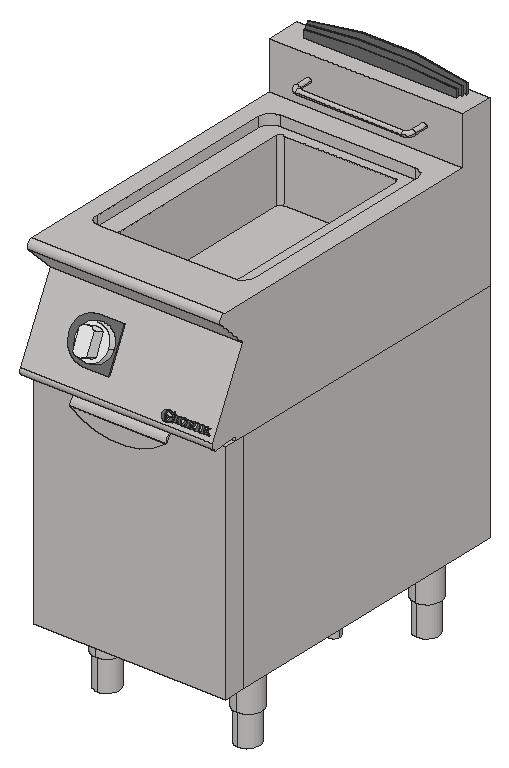
Revit family "QF_GIORIK_FE7113", category Specialty Equipment, Revit 2014
Parameters (values of type "FE7113")
  Weight in Pounds = 132.2772
  Watts = 12000 W
  Volts = 400 V
  URL Cutsheet = "www.giorik.com"
  URL = "www.giorik.com"
  Status [instance] = ""
  Specification by User [instance] = ""
  Specification by Manufacturer = ""
  Show Logo [instance] = yes
  Show Clearance [instance] = yes
  Serial Number = ""
  Seismic Rating = ""
  SMACNA No = ""
  Revision Code [instance] = ""
  Phase = 3
  Number of Poles [instance] = 3
  NAFEM Spec ID Number = ""
  Model = "FE7113"
  Min Ckt Ampacity = 0 A
  Max Overcurrent Protection = 0 A
  Masterspec = ""
  Manufacturer = "GIORIK"
  Item Number [instance] = ""
  Installed By [instance] = ""
  Identify Quantity as Lot [instance] = no
  HP = "16.092240000000"
  Furnished By [instance] = ""
  Foodservice Equipment Identifier [instance] = yes
  FL Amps = 0 A
  Electrical Remarks [instance] = ""
  Electric Connection Type [instance] = ""
  Elec Conn RI Height [instance] = 0 mm
  Elec Conn Connection Height [instance] = 150 mm
  Description = "13 LITRE ELECTRIC FRYER."
  Cycle = 50 Hz
  Conn Plug = ""
  CSI MasterFormat = ""
  Assembly Code = "E1090320"
  Apparent Power = 12000 VA
Reference planes
  plane 1 "Back": y = 0
  plane 2: z = 0
  plane 3 "Left": x = 0
  plane 4 "Right": x = 400
  plane 5 "Front": y = -720
  plane 6 "Top": z = 900
Forms (mm)
  Extrusion 1, solid, visible <- "Show Logo"
    sketch origin (196.604, -736.761, 609.486) x (-1, 0, 0) y (0, 0.452718, 0.891654)
      loop
        line (-118.824, 58.358) -> (-127.804, 58.358) -> (-125.523, 56.445) -> (-125.523, 48.027) -> (-127.804, 46.113) -> (-118.824, 46.113) -> (-121.105, 48.027) -> (-121.105, 56.445) -> (-118.824, 58.358)
      loop
        line (-163.721, 58.358) -> (-172.7, 58.358) -> (-170.42, 56.445) -> (-170.42, 48.027) -> (-172.7, 46.113) -> (-163.721, 46.113) -> (-166.001, 48.027) -> (-166.001, 56.445) -> (-163.721, 58.358)
      loop
        line (-174.332, 58.358) -> (-183.312, 58.358) -> (-181.031, 56.445) -> (-181.031, 52.435) -> (-186.419, 56.955) -> (-184.416, 58.358) -> (-191.268, 58.358) -> (-188.01, 56.839) -> (-185.455, 54.283) -> (-190.846, 47.858) -> (-193.396, 46.93) -> (-193.396, 46.113) -> (-184.416, 46.113) -> (-185.437, 47.571) -> (-182.443, 51.552) -> (-181.031, 50.894) -> (-181.031, 48.027) -> (-183.312, 46.113) -> (-174.332, 46.113) -> (-176.613, 48.027) -> (-176.613, 56.445) -> (-174.332, 58.358)
      loop
        line (-115.429, 62.063) -> (-115.429, 54.198)
        arc (-115.429, 54.198) -> (-111.618, 57.803) -> (-106.847, 59.986) r 16.039
        arc (-106.847, 59.986) -> (-103.314, 59.837) -> (-100.512, 57.68) r 5.851
        arc (-100.512, 57.68) -> (-98.815, 52.267) -> (-100.512, 46.853) r 9.479
        arc (-100.512, 46.853) -> (-102.406, 44.986) -> (-104.846, 43.93) r 7.236
        arc (-104.846, 43.93) -> (-107.728, 44.111) -> (-110.052, 45.825) r 5.11
        line (-110.052, 45.825) -> (-110.052, 52.001) -> (-116.141, 52.001) -> (-116.141, 45.503) -> (-117.893, 43.751) -> (-114.094, 44.769)
        arc (-114.094, 44.769) -> (-112.56, 44.947) -> (-111.129, 44.366) r 3.115
        arc (-111.129, 44.366) -> (-104.216, 42.091) -> (-97.303, 44.366) r 11.641
        arc (-97.303, 44.366) -> (-93.396, 52.107) -> (-97.303, 59.849) r 9.622
        arc (-97.303, 59.849) -> (-104.369, 62.174) -> (-111.435, 59.849) r 11.898
        line (-111.435, 59.849) -> (-115.429, 62.063)
      loop
        arc (-129.234, 56.068) -> (-135.893, 58.628) -> (-142.552, 56.068) r 9.941
        arc (-142.552, 56.068) -> (-144.234, 52.286) -> (-142.552, 48.505) r 5.093
        arc (-142.552, 48.505) -> (-135.893, 45.945) -> (-129.234, 48.505) r 9.941
        arc (-129.234, 48.505) -> (-127.552, 52.286) -> (-129.234, 56.068) r 5.093
      loop
        arc (-132.628, 54.403) -> (-135.893, 57.668) -> (-139.158, 54.403) r 3.265
        line (-139.158, 54.403) -> (-139.158, 50.169)
        arc (-139.158, 50.169) -> (-135.893, 46.904) -> (-132.628, 50.169) r 3.265
        line (-132.628, 50.169) -> (-132.628, 54.403)
      loop
        arc (-156.363, 58.365) -> (-159.647, 55.081) -> (-156.363, 51.796) r 3.285
        line (-156.363, 51.796) -> (-159.529, 47.306) -> (-162.087, 46.113) -> (-155.847, 46.113) -> (-153.529, 51.083) -> (-150.637, 51.083) -> (-150.637, 47.784) -> (-153.022, 46.113) -> (-144.011, 46.113) -> (-146.094, 47.68) -> (-146.094, 56.493) -> (-144.229, 58.365) -> (-156.363, 58.365)
      loop
        line (-150.637, 57.512) -> (-153.637, 57.512)
        arc (-153.637, 57.512) -> (-156.237, 54.912) -> (-153.637, 52.312) r 2.6
        line (-153.637, 52.312) -> (-150.637, 52.312) -> (-150.637, 57.512)
      loop
        line (-108.924, 52.001) -> (-104.936, 49.005) -> (-100.948, 52.001) -> (-108.924, 52.001)
    from 1.5 to -0.5
  Extrusion 2, solid
    sketch origin (-16, 1025.81, 0) x (1, 0, 0) y (0, 1, 0)
      loop
        line (25, -1086.81) -> (25, -1156.81) -> (115, -1156.81) -> (115, -1086.81) -> (25, -1086.81)
    from 148 to 150
  Extrusion 3, solid
    sketch origin (0, 1000, -20) x (0, 1, 0) y (0, 0, 1)
      loop
        line (-1000, 989.988) -> (-1070, 989.988) -> (-1070, 889.988) -> (-1688.806, 889.988)
        arc (-1688.806, 889.988) -> (-1699.151, 883.075) -> (-1696.724, 870.873) r 11.197
        line (-1696.724, 870.873) -> (-1640.876, 815.025) -> (-1718.948, 661.258)
        arc (-1718.948, 661.258) -> (-1718.233, 650.105) -> (-1708.118, 645.354) r 10.981
        line (-1708.118, 645.354) -> (-1660, 649.925) -> (-1660, 640) -> (-1000, 640) -> (-1000, 989.988)
    from 0 to 400
  Extrusion 4, solid
    sketch origin (0, 0, 599.536) x (1, 0, 0) y (0, 1, 0)
      loop
        line (0, -640) -> (40, -640) -> (40, -40) -> (360, -40) -> (360, -640) -> (400, -640) -> (400, 0) -> (0, 0) -> (0, -640)
    from -449.536 to 20.464
  Extrusion 5, solid
    sketch origin (0, 0, 0) x (1, 0, 0) y (0, 1, 0)
      loop
        line (40, -40) -> (40, -640) -> (360, -640) -> (360, -40) -> (40, -40)
    from 150 to 190
  Extrusion 6, solid
    sketch origin (-16, 560.81, 0) x (1, 0, 0) y (0, 1, 0)
      loop
        line (25, -1086.81) -> (25, -1156.81) -> (115, -1156.81) -> (115, -1086.81) -> (25, -1086.81)
    from 148 to 150
  Revolve 7, solid
    sketch origin (54, 560.81, 0) x (0, 1, 0) y (0, 0, 1)
      loop
        line (-1092.56, 66) -> (-1092.56, 148) -> (-1121.81, 148) -> (-1121.81, 0) -> (-1096.81, 0) -> (-1096.81, 66) -> (-1092.56, 66)
      axis (-1121.81, 0) -> (-1121.81, 148)
    angle from 0 to 360
  Revolve 8, solid
    sketch origin (54, 1025.81, 0) x (0, 1, 0) y (0, 0, 1)
      loop
        line (-1092.56, 66) -> (-1092.56, 148) -> (-1121.81, 148) -> (-1121.81, 0) -> (-1096.81, 0) -> (-1096.81, 66) -> (-1092.56, 66)
      axis (-1121.81, 0) -> (-1121.81, 148)
    angle from 0 to 360
  Extrusion 9, solid
    sketch origin (416, 560.81, 0) x (-1, 0, 0) y (0, -1, 0)
      loop
        line (25, 1086.81) -> (115, 1086.81) -> (115, 1156.81) -> (25, 1156.81) -> (25, 1086.81)
    from 148 to 150
  Revolve 10, solid
    sketch origin (346, 560.81, 0) x (0, 1, 0) y (0, 0, -1)
      loop
        line (-1092.56, -66) -> (-1096.81, -66) -> (-1096.81, 0) -> (-1121.81, 0) -> (-1121.81, -148) -> (-1092.56, -148) -> (-1092.56, -66)
      axis (-1121.81, 0) -> (-1121.81, -148)
    angle from 0 to 360
  Extrusion 11, solid
    sketch origin (416, -1217.81, 0) x (-1, 0, 0) y (0, -1, 0)
      loop
        line (25, -1086.81) -> (25, -1156.81) -> (115, -1156.81) -> (115, -1086.81) -> (25, -1086.81)
    from 148 to 150
  Revolve 12, solid
    sketch origin (346, -1217.81, 0) x (0, -1, 0) y (0, 0, 1)
      loop
        line (-1092.56, 66) -> (-1092.56, 148) -> (-1121.81, 148) -> (-1121.81, 0) -> (-1096.81, 0) -> (-1096.81, 66) -> (-1092.56, 66)
      axis (-1121.81, 0) -> (-1121.81, 148)
    angle from 0 to 360
  Extrusion 13, solid
    sketch origin (-293.221, -963.345, 52.363) x (1, 0, 0) y (0, 0.452718, 0.891654)
      loop
        line (463.221, 676.25) -> (463.221, 766.25) -> (409.698, 766.25)
        arc (409.698, 766.25) -> (364.698, 721.25) -> (409.698, 676.25) r 45
        line (409.698, 676.25) -> (463.221, 676.25)
    from 48 to 50
  Extrusion 14, solid
    sketch origin (481.331, -1008.697, 74.959) x (-1, 0, 0) y (0, -0.45351, -0.891251)
      loop
        circle (351.331, -721.346) r 35
    from 0 to 15
  Extrusion 15, solid
    sketch origin (481.331, -1008.697, 74.959) x (-1, 0, 0) y (0, -0.45351, -0.891251)
      loop
        arc (336.331, -743.846) -> (351.331, -748.846) -> (366.331, -743.846) r 25
        line (366.331, -743.846) -> (366.331, -698.846)
        arc (366.331, -698.846) -> (351.331, -693.846) -> (336.331, -698.846) r 25
        line (336.331, -698.846) -> (336.331, -743.846)
    from 15 to 40
  Extrusion 16, solid
    sketch origin (-94, 0, 59.999) x (1, 0, 0) y (0, 0, 1)
      loop
        line (135, 909.989) -> (453, 909.989) -> (453, 925.527) -> (347.056, 931.749) -> (240.944, 931.749) -> (135, 925.527) -> (135, 909.989)
    from 32 to 35
  Extrusion 17, solid
    sketch origin (-92, 10, 59.999) x (1, 0, 0) y (0, 0, 1)
      loop
        line (454, 909.989) -> (454, 928.527) -> (346.162, 939.193) -> (237.838, 939.193) -> (130, 928.527) -> (130, 909.989) -> (454, 909.989)
    from 32 to 35
  Extrusion 18, solid
    sketch origin (-90, 20, 59.999) x (1, 0, 0) y (0, 0, 1)
      loop
        line (455, 909.989) -> (455, 930.527) -> (345.396, 947.413) -> (234.604, 947.413) -> (125, 930.527) -> (125, 909.989) -> (455, 909.989)
    from 32 to 35
  Extrusion 19, void
    sketch origin (0, 0, 819.988) x (0, 1, 0) y (-1, 0, 0)
      loop
        arc (-120, -60) -> (-127.322, -42.322) -> (-145, -35) r 25
        line (-145, -35) -> (-565.002, -35)
        arc (-565.002, -35) -> (-582.68, -42.322) -> (-590.002, -60) r 25
        line (-590.002, -60) -> (-590.002, -340)
        arc (-590.002, -340) -> (-582.68, -357.678) -> (-565.002, -365) r 25
        line (-565.002, -365) -> (-145, -365)
        arc (-145, -365) -> (-127.322, -357.678) -> (-120, -340) r 25
        line (-120, -340) -> (-120, -60)
    from -100 to 50
  Extrusion 20, solid
    sketch origin (0, 0, 900) x (0, 1, 0) y (-1, 0, 0)
      loop
        arc (-120, -60) -> (-127.322, -42.322) -> (-145, -35) r 25
        line (-145, -35) -> (-565.002, -35)
        arc (-565.002, -35) -> (-582.68, -42.322) -> (-590.002, -60) r 25
        line (-590.002, -60) -> (-590.002, -340)
        arc (-590.002, -340) -> (-582.68, -357.678) -> (-565.002, -365) r 25
        line (-565.002, -365) -> (-145, -365)
        arc (-145, -365) -> (-127.322, -357.678) -> (-120, -340) r 25
        line (-120, -340) -> (-120, -60)
      loop
        arc (-140, -85.011) -> (-142.929, -77.94) -> (-150, -75.011) r 10
        line (-150, -75.011) -> (-555.002, -75.011)
        arc (-555.002, -75.011) -> (-562.073, -77.94) -> (-565.002, -85.011) r 10
        line (-565.002, -85.011) -> (-565.002, -315)
        arc (-565.002, -315) -> (-562.073, -322.071) -> (-555.002, -325) r 10
        line (-555.002, -325) -> (-150, -325)
        arc (-150, -325) -> (-142.929, -322.071) -> (-140, -315) r 10
        line (-140, -315) -> (-140, -85.011)
    from -180.012 to -50
  Extrusion 21, solid
    sketch origin (0, -725, 0) x (1, 0, 0) y (0, 0, 1)
      loop
        line (0, 620) -> (0, 150) -> (400, 150) -> (400, 620) -> (0, 620)
    from -85 to -40
  Extrusion 22, solid
    sketch origin (2.5, -725, -20.1) x (0, 1, 0) y (0, 0, 1)
      loop
        arc (25, 640.1) -> (14.393, 635.707) -> (10, 625.1) r 15
        line (10, 625.1) -> (12, 625.1)
        arc (12, 625.1) -> (15.808, 634.292) -> (25, 638.1) r 13
        line (25, 638.1) -> (40, 638.1) -> (40, 640.1) -> (25, 640.1)
    from 97.5 to 297.5
  Extrusion 23, solid
    sketch origin (2.5, -724.905, -20.1) x (1, 0, 0) y (0, 0, 1)
      loop
        arc (97.5, 625.1) -> (197.5, 590.089) -> (297.5, 625.1) r 160.316
        line (297.5, 625.1) -> (97.5, 625.1)
    from -11.905 to -9.905
  Extrusion 24, solid, visible <- "Show Clearance", detail levels coarse
    sketch origin (395, -725, 0) x (-1, 0, 0) y (0, -1, 0)
      loop
        line (-5, -40) -> (395, -40)
        arc (395, -40) -> (277.534, 241.069) -> (-5, 354.968) r 395
        line (-5, 354.968) -> (-5, -40)
    from 150 to 620
  Extrusion 25, solid
    sketch origin (0, 0, 100) x (0, 1, 0) y (-1, 0, 0)
      loop
        circle (-380, -380) r 12.5
    from 30 to 50
  Sweep 26, solid
    path origin (0, 0, 919.988) x (0, 1, 0) y (-1, 0, 0)
      loop
        line (-70, -80) -> (-100, -80)
        arc (-100, -80) -> (-107.071, -82.929) -> (-110, -90) r 10
        line (-110, -90) -> (-110, -310)
        arc (-110, -310) -> (-107.071, -317.071) -> (-100, -320) r 10
        line (-100, -320) -> (-70, -320)
    profile origin (80, -85, 919.988) x (1, 0, 0) y (0, 0, 1)
      loop
        circle (0, 0) r 5
Cuts and joins
  Extrusion 19 cuts Extrusion 3
Lines and regions (mm)
  symbolic lines, style "200-EquipBorder-2D"
    curve 1: line (0, -720, 0) -> (400, -720, 0)
    curve 2: line (400, -720, 0) -> (400, 0, 0)
    curve 3: line (400, 0, 0) -> (0, 0, 0)
    curve 4: line (0, 0, 0) -> (0, -720, 0)
    curve 46: line (115, -727.413, 900) -> (115, -720, 900)
    curve 47: line (145, -727.413, 900) -> (145, -720, 900)
    curve 48: arc (115, -727.413, 900) -> (130, -729.645, 900) -> (145, -727.413, 900) r 51.523
  symbolic lines, style "200-EquipInternal-2D"
    curve 5: line (35, -12, 900) -> (365, -12, 900)
    curve 6: line (365, -12, 900) -> (365, -15, 900)
    curve 7: line (365, -15, 900) -> (35, -15, 900)
    curve 8: line (35, -15, 900) -> (35, -12, 900)
    curve 9: line (38, -22, 900) -> (362, -22, 900)
    curve 10: line (362, -22, 900) -> (362, -25, 900)
    curve 11: line (362, -25, 900) -> (38, -25, 900)
    curve 12: line (38, -25, 900) -> (38, -22, 900)
    curve 13: line (41, -32, 900) -> (359, -32, 900)
    curve 14: line (359, -32, 900) -> (359, -35, 900)
    curve 15: line (359, -35, 900) -> (41, -35, 900)
    curve 16: line (41, -35, 900) -> (41, -32, 900)
    curve 17: line (340, -120, 900) -> (60, -120, 900)
    curve 18: arc (60, -120, 900) -> (42.322, -127.322, 900) -> (35, -145, 900) r 25
    curve 19: line (35, -145, 900) -> (35, -565, 900)
    curve 20: arc (365, -145, 900) -> (357.678, -127.322, 900) -> (340, -120, 900) r 25
    curve 21: arc (340, -590, 900) -> (357.633, -582.723, 900) -> (365, -565.128, 900) r 25
    curve 22: line (60, -590, 900) -> (340, -590, 900)
    curve 23: arc (35, -565, 900) -> (42.322, -582.678, 900) -> (60, -590, 900) r 25
    curve 24: line (365, -565.128, 900) -> (365, -145, 900)
    curve 27: line (85, -140, 900) -> (315, -140, 900)
    curve 28: line (325, -150, 900) -> (325, -555.002, 900)
    curve 29: line (75, -555.002, 900) -> (75, -150, 900)
    curve 30: line (315, -565.002, 900) -> (85, -565.002, 900)
    curve 31: arc (85, -140, 900) -> (77.929, -142.929, 900) -> (75, -150, 900) r 10
    curve 32: arc (315, -140, 900) -> (322.071, -142.929, 900) -> (325, -150, 900) r 10
    curve 33: arc (75, -555.002, 900) -> (77.929, -562.073, 900) -> (85, -565.002, 900) r 10
    curve 34: arc (315, -565.002, 900) -> (322.071, -562.073, 900) -> (325, -555.002, 900) r 10
    curve 35: line (75, -70, 900) -> (75, -99.667, 900)
    curve 36: line (85, -100, 900) -> (85, -70, 900)
    curve 37: line (89.989, -104.989, 900) -> (310.238, -104.989, 900)
    curve 38: line (315, -100.227, 900) -> (315, -70, 900)
    curve 39: line (325, -70, 900) -> (325, -100.301, 900)
    curve 40: line (310.301, -115, 900) -> (90.333, -115, 900)
    curve 41: arc (90.333, -115, 900) -> (79.491, -110.509, 900) -> (75, -99.667, 900) r 15.333
    curve 42: arc (85, -100, 900) -> (86.461, -103.528, 900) -> (89.989, -104.989, 900) r 4.989
    curve 43: arc (310.301, -115, 900) -> (320.695, -110.695, 900) -> (325, -100.301, 900) r 14.699
    curve 44: arc (315, -100.227, 900) -> (313.605, -103.594, 900) -> (310.238, -104.989, 900) r 4.762
    curve 45: line (0, -70, 900) -> (400, -70, 900)
  symbolic lines, style "QF_Door-Drawer Clearances", visible <- "Show Clearance", detail levels coarse
    curve 25: arc (400, -1079.968, 0) -> (130.204, -978.101, 0) -> (1.554, -720, 0) r 395
    curve 26: line (400, -720, 0) -> (400, -1079.968, 0)
Dimensions and locks
  plane 3 "Left" to plane 4 "Right" = 400 mm
  plane 5 "Front" to plane 1 "Back" = 720 mm
  plane 4 "Right" to plane 3 "Left" = 400 mm
  plane 1 "Back" to plane 5 "Front" = 720 mm
  plane 6 "Top" to level = 900 mm  (x2)
  aligned and locked: level to plane 2
Connectors
  electrical at (380, -380, 130), driven by "Apparent Power", driven by "Volts", driven by "Number of Poles"
    settings: on Extrusion 25, index 1, voltage 400 V, apparent load 0 VA, apparent load phase1 12000 VA, apparent load phase2 0 VA, apparent load phase3 0 VA, power factor 1, load classification "Other", number of poles 3, system type 31, power factor state 1, is connector primary yes, connector utility no, sub classification motor no, connector description "Electrical connection"
